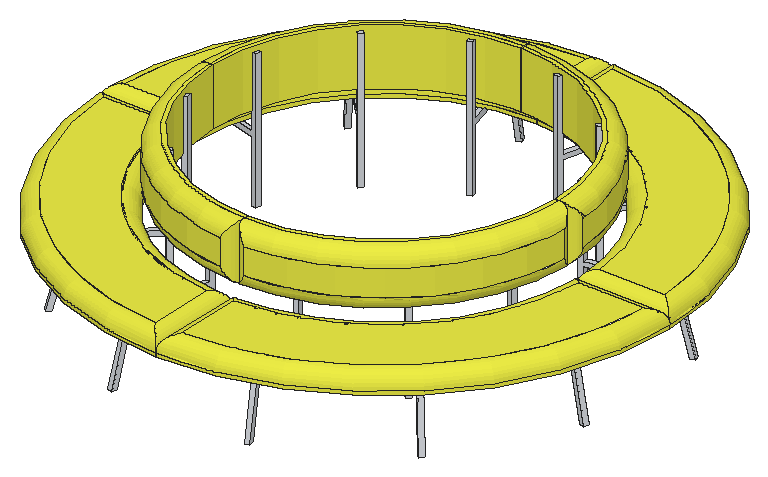
Revit family
Reference planes
  plane 1 "중심(앞/뒤)": y = 0
  plane 2: z = 0
  plane 3 "중심(왼쪽/오른쪽)": x = 0
Nested families
  nested 1: "정원의자_1인용_거울" at (0, 0, 0), type "정원의자_1인용_거울"
  nested 2: "정원의자_1인용_거울" at (0, 0, 0) x (-1, 0, 0) z (0, 0, 1), type "정원의자_1인용_거울"
  nested 3: "정원의자_1인용_거울" at (0, 0, 0), type "정원의자_1인용_거울"
  nested 4: "정원의자_1인용_거울" at (0, 0, 0) x (-1, 0, 0) z (0, 0, 1), type "정원의자_1인용_거울"
Definition of nested family "정원의자_1인용_거울"
  Reference planes
    plane 1 "중심(앞/뒤)": y = 0
    plane 2: z = 0
    plane 3 "중심(왼쪽/오른쪽)": x = 0
    plane 4 "대각선": through (0, 0, 0) normal (0.7071, -0.7071, 0)
    plane 5: through (0, 0, 0) normal (0.9659, -0.2588, 0)
    plane 6: through (0, 0, 0) normal (0.2588, -0.9659, 0)
  Forms (mm)
    Extrusion 1, solid
      sketch origin (1767.767, 1767.767, 0) x (-0.707107, -0.707107, 0) y (0, 0, -1)
        loop
          line (1600, -725) -> (1625, -725) -> (1625, 0) -> (1600, 0) -> (1600, -325) -> (1211.377, -325) -> (1125.851, 0) -> (1100, 0) -> (1185.526, -325) -> (1100, -325) -> (1100, -350) -> (1600, -350) -> (1600, -725)
      from 12.5 to -12.5
    Extrusion 2, solid
      sketch origin (647.048, 2414.815, 0) x (-0.258819, -0.965926, 0) y (0, 0, -1)
        loop
          line (1600, -725) -> (1625, -725) -> (1625, 0) -> (1600, 0) -> (1600, -325) -> (1211.377, -325) -> (1125.851, 0) -> (1100, 0) -> (1185.526, -325) -> (1100, -325) -> (1100, -350) -> (1600, -350) -> (1600, -725)
      from 12.5 to -12.5
    Extrusion 3, solid
      sketch origin (2414.815, 647.048, 0) x (-0.965926, -0.258819, 0) y (0, 0, 1)
        loop
          line (1600, 725) -> (1600, 350) -> (1100, 350) -> (1100, 325) -> (1185.526, 325) -> (1100, 0) -> (1125.851, 0) -> (1211.377, 325) -> (1600, 325) -> (1600, 0) -> (1625, 0) -> (1625, 725) -> (1600, 725)
      from 12.5 to -12.5
  Nested families
    nested 1: "seat-yellow_mirror" at (0, 0, 0), type "seat-yellow_mirror"
  Definition of nested family "seat-yellow_mirror"
    Reference planes
      plane 1 "중심(앞/뒤)": y = 0
      plane 2: z = 0
      plane 3 "중심(왼쪽/오른쪽)": x = 0
      plane 4 "대각선": through (0, 0, 0) normal (0.7071, -0.7071, 0)
    Forms (mm)
      Sweep 1, solid, material "시트"
        path origin (0, 0, 350) x (1, 0, 0) y (0, 1, 0)
          loop
            arc (1000, 0) -> (707.107, 707.107) -> (0, 1000) r 1000
        profile "profile_m : profile_m" origin (707.107, 707.107, 350) x (-0.707107, -0.707107, 0) y (0, 0, 1)
          loop
            line (80, 100) -> (100, 100) -> (100, 400) -> (80, 400)
            arc (80, 400) -> (23.431, 376.569) -> (0, 320) r 80
            line (0, 320) -> (0, 180)
            arc (0, 180) -> (23.431, 123.431) -> (80, 100) r 80
          loop
            line (-500, 0) -> (0, 0) -> (0, 20)
            arc (0, 20) -> (-23.431, 76.569) -> (-80, 100) r 80
            line (-80, 100) -> (-420, 100)
            arc (-420, 100) -> (-476.569, 76.569) -> (-500, 20) r 80
            line (-500, 20) -> (-500, 0)
      Extrusion 2, void
        sketch origin (3.903, 0, 346.611) x (1, 0, 0) y (0, 0, 1)
          loop
            arc (-5.085, 24.068) -> (18.346, 80.637) -> (74.915, 104.068) r 80
            line (74.915, 104.068) -> (-5.085, 104.068) -> (-5.085, 24.068)
        from -1499.575 to -638.949
      Extrusion 3, void
        sketch origin (2499.509, 4.767, 346.611) x (0, 1, 0) y (0, 0, 1)
          loop
            arc (-5.085, 24.068) -> (18.346, 80.637) -> (74.915, 104.068) r 80
            line (74.915, 104.068) -> (-5.085, 104.068) -> (-5.085, 24.068)
        from -1545.466 to -988.021
      Extrusion 4, void
        sketch origin (863.488, -1417.319, 350) x (0, 1, 0) y (-1, 0, 0)
          loop
            line (1416.319, -57.457) -> (1416.319, -137.457) -> (1496.319, -137.457)
            arc (1496.319, -137.457) -> (1439.75, -114.026) -> (1416.319, -57.457) r 80
        from 100 to 428.588
      Extrusion 5, void
        sketch origin (-1417.319, 863.148, 350) x (1, 0, 0) y (0, 1, 0)
          loop
            arc (1416.319, 57.457) -> (1439.75, 114.026) -> (1496.319, 137.457) r 80
            line (1496.319, 137.457) -> (1416.319, 137.457) -> (1416.319, 57.457)
        from 100 to 428.588
    Cuts and joins
      Extrusion 2, Extrusion 3, Extrusion 4, Extrusion 5 cuts Sweep 1
